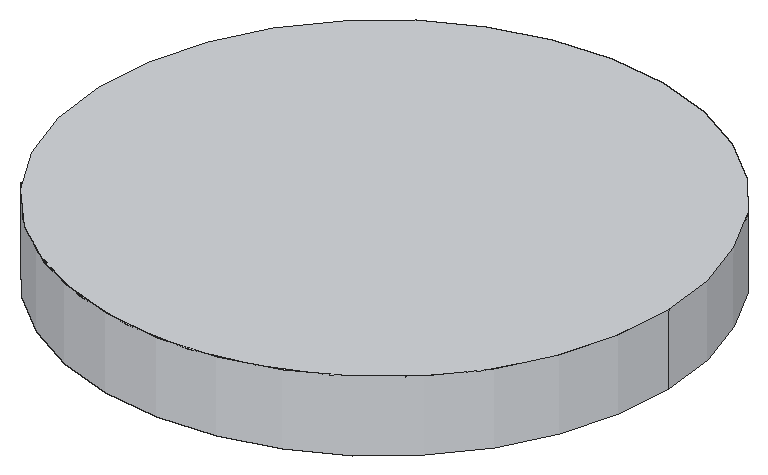
Revit family "地表隆沉", category 常规模型, Revit 2016
Family settings
  零件类型 = 标准
  可将钢筋附着到主体 = 否
  圆形连接件大小 = 使用直径
  基于工作平面 = 否
  总是垂直 = 是
  加载时剪切的空心 = 否
  共享 = 否
  房间计算点 = 否
Parameters
  高度 = 100 mm
  直径 = 800 mm
  监测数据 [instance] = ""
Reference planes
  plane 1 "中心(前/后)": y = 0
  plane 2: z = 0
  plane 3 "中心(左/右)": x = 0
Forms (mm)
  Extrusion 1, solid
    sketch origin (0, 0, 0) x (1, 0, 0) y (0, 1, 0)
      loop
        circle (0, 0) r 400
    from 0 to 100
Dimensions and locks
  "高度": Extrusion 1 to Extrusion 1
  "直径": diameter of Extrusion 1 sketch curve
  aligned and locked: level to plane 2
  aligned and locked: Extrusion 1 to level
Automatic sketch dimensions
  plane 1 "中心(前/后)" to Extrusion 1 sketch curve = 0 mm
  Extrusion 1 sketch curve to plane 3 "中心(左/右)" = 0 mm
